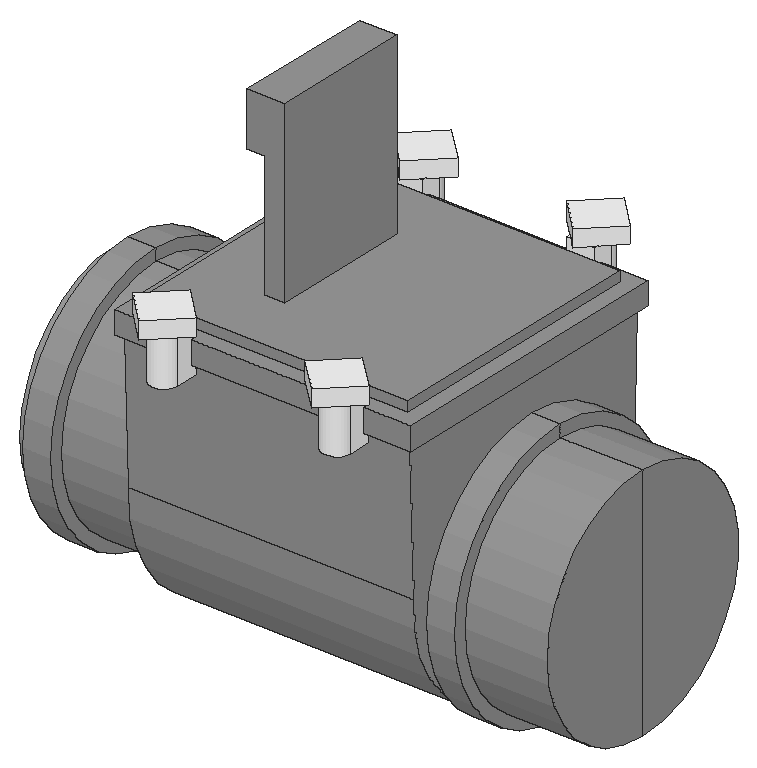
Revit family "HL_RU_Anti-flooding valve_HL715.1-A-171212", category Příslušenství trubek, Revit 2021
Family settings
  Kóta kulaté spojky = Použít průměr
  Typ dílu = Normální
  Číslo OmniClass = 23.65.55.14.21
  Nadpis OmniClass = Non-Return Valves for Liquid Services
  Založené na pracovní rovině = Ne
  Vždy vertikální = Ano
  Ořezat dutým tvarem při načtení = Ne
  Sdílené = Ne
Parameters
  РАЗМЕР = "DN160"
  ПРОПУСКНАЯ СПОСОБНОСТЬ [instance] = 0.0 m³/h
  ПРАВОВАЯ ИНФОРМАЦИЯ = "\"Copyright (©), design rights or any other intellectual property rights, shall be the exclusive property of HL Hutterer & Lechner GmbH. Modification is not allowed. Family has been watermarked.\""
  ПАДЕНИЕ ДАВЛЕНИЯ [instance] = 0.0 Pa
  НОМИНАЛЬНЫЙ ДИАМЕТР 2 = 160 mm
  НОМИНАЛЬНЫЙ ДИАМЕТР = 160 mm
  МАТЕРИАЛ = "ABS"
  ВЫСОТА МОНТАЖА = "355 mm"
  ВЕС = "2,927 kg"
  Výrobce = "HL Hutterer & Lechner GmbH"
  Výchozí výška = 0 mm
  URL = "http://www.hutterer-lechner.com/en/products/catalog/roof-drains/HL715.1.aspx"
  Description = "Anti flood valves"
  Model = "HL715.1"
  Type Comments = "anti-flood valve DN160 with stainless steel flap and manual blocking"
  Keynote = "HL715.1"
  EAN = "9003076971510"
  Cena = 0
Types (2, lengths in mm): name | ПРАВОВАЯ ИНФОРМАЦИЯ | URL | Description | Type Comments
  (no name) | "\"Copyright (©), design rights or any other intellectual property rights, shall be the exclusive property of HL Hutterer & Lechner GmbH. Modification is not allowed. Family has been watermarked.\"" | "http://www.hutterer-lechner.com/en/products/catalog/roof-drains/HL715.1.aspx" | "Anti flood valves" | "anti-flood valve DN160 with stainless steel flap and manual blocking"
  HL_Механический канализационный затвор_HL715.1 | "\"Авторские права(©), права на дизайн или какие либо другие права интелектуальной собственности являются исключительной собственностью компании HL Hutterer & Lechner. Изменению не подлежит. Файл семейства с данными о прозводителе изделия защищен паролем с водяным знаком.\"" | "http://www.hutterer-lechner.com/ru/products/catalog/roof-drains/HL715.1.aspx" | "Механический канализационный затвор" | "Механический магистральный канализационный затвор DN160 с заслонкой из нержавеющей стали и ручным затвором."
Reference planes
  plane 1 "Střed (vpředu/vzadu)": y = 0
  plane 2: z = 0
  plane 3 "Střed (vlevo/vpravo)": x = 0
Forms (mm)
  Sweep 1, solid, material "Plastic - Orange", detail levels fine
    path origin (106.443, 0, 126.9) x (1, 0, 0) y (0, 0, 1)
      loop
        line (101.5, -24) -> (-101.443, -24)
    profile origin (106.471, 0, 102.9) x (0, 0, -1) y (0, -1, 0)
      loop
        line (-0.5, 0) -> (-0.5, -101.455) -> (99.02, -97.98)
        arc (99.02, -97.98) -> (171.687, -71.286) -> (201.874, 0) r 97.308
        arc (201.874, 0) -> (171.687, 71.286) -> (99.02, 97.98) r 97.308
        line (99.02, 97.98) -> (-0.5, 101.455) -> (-0.5, 0)
  Extrusion 2, solid, material "Plastic - Orange", detail levels fine
    sketch origin (207.943, 0, 103.4) x (-1, 0, 0) y (0, -1, 0)
      loop
        line (-4.2, 105.7) -> (-4.2, -105.7) -> (207.2, -105.7) -> (207.2, 105.7) -> (-4.2, 105.7)
    from 0 to 16.5
  Extrusion 3, solid, material "Plastic - Orange", detail levels fine
    sketch origin (207.943, 0, 119.9) x (-1, 0, 0) y (0, -1, 0)
      loop
        line (196, -94.5) -> (196, 94.5) -> (7, 94.5) -> (7, -94.5) -> (196, -94.5)
    from 0 to 7
  Extrusion 4, solid, material "Plactic - White", detail levels fine
    sketch origin (106.443, 0, 126.9) x (1, 0, 0) y (0, 1, 0)
      loop
        line (71.5, -101.158) -> (51.5, -101.158) -> (51.5, -116.5)
        arc (51.5, -116.5) -> (61.5, -126.5) -> (71.5, -116.5) r 10
        line (71.5, -116.5) -> (71.5, -101.158)
    from -32 to 3.735
  Extrusion 5, solid, material "Plactic - White", detail levels fine
    sketch origin (106.443, 0, 130.635) x (1, 0, 0) y (0, 1, 0)
      loop
        line (84.127, -116.5) -> (61.5, -93.873) -> (38.873, -116.5) -> (61.5, -139.127) -> (84.127, -116.5)
    from 0 to 12
  Extrusion 6, solid, material "Plactic - White", detail levels fine
    sketch origin (-16.557, 0, 126.9) x (1, 0, 0) y (0, 1, 0)
      loop
        line (71.5, -101.158) -> (51.5, -101.158) -> (51.5, -116.5)
        arc (51.5, -116.5) -> (61.5, -126.5) -> (71.5, -116.5) r 10
        line (71.5, -116.5) -> (71.5, -101.158)
    from -32 to 3.735
  Extrusion 7, solid, material "Plactic - White", detail levels fine
    sketch origin (-16.557, 0, 130.635) x (1, 0, 0) y (0, 1, 0)
      loop
        line (84.127, -116.5) -> (61.5, -93.873) -> (38.873, -116.5) -> (61.5, -139.127) -> (84.127, -116.5)
    from 0 to 12
  Extrusion 8, solid, material "Plactic - White", detail levels fine
    sketch origin (106.443, 0, 126.9) x (1, 0, 0) y (0, 1, 0)
      loop
        line (71.5, 101.158) -> (71.5, 116.5)
        arc (71.5, 116.5) -> (61.5, 126.5) -> (51.5, 116.5) r 10
        line (51.5, 116.5) -> (51.5, 101.158) -> (71.5, 101.158)
    from -32 to 3.735
  Extrusion 9, solid, material "Plactic - White", detail levels fine
    sketch origin (106.443, 0, 130.635) x (1, 0, 0) y (0, 1, 0)
      loop
        line (84.127, 116.5) -> (61.5, 139.127) -> (38.873, 116.5) -> (61.5, 93.873) -> (84.127, 116.5)
    from 0 to 12
  Extrusion 10, solid, material "Plactic - White", detail levels fine
    sketch origin (-16.557, 0, 126.9) x (1, 0, 0) y (0, 1, 0)
      loop
        line (71.5, 101.158) -> (71.5, 116.5)
        arc (71.5, 116.5) -> (61.5, 126.5) -> (51.5, 116.5) r 10
        line (51.5, 116.5) -> (51.5, 101.158) -> (71.5, 101.158)
    from -32 to 3.735
  Extrusion 11, solid, material "Plactic - White", detail levels fine
    sketch origin (-16.557, 0, 130.635) x (1, 0, 0) y (0, 1, 0)
      loop
        line (84.127, 116.5) -> (61.5, 139.127) -> (38.873, 116.5) -> (61.5, 93.873) -> (84.127, 116.5)
    from 0 to 12
  Sweep 12, solid, material "Plastic - Orange", not visible, detail levels fine
    path origin (106.443, 0, 126.9) x (1, 0, 0) y (0, 0, 1)
      loop
        line (186.5, -58.4) -> (101.5, -58.4)
    profile origin (250.443, 0, 68.5) x (0, 0, -1) y (0, -1, 0)
      loop
        circle (80, 0) r 80
  Revolve 13, solid, material "Plastic - Orange", detail levels fine
    sketch origin (106.443, 0, 126.9) x (1, 0, 0) y (0, 0, 1)
      loop
        line (-189.5, -126.9) -> (-101.443, -126.9) -> (-101.443, -41.9) -> (-160.5, -41.9) -> (-160.5, -33.366) -> (-180.5, -33.366) -> (-180.5, -41.9) -> (-189.5, -41.9) -> (-189.5, -126.9)
      axis (-101.443, -126.9) -> (-189.5, -126.9)
    angle from 0 to 360
  Extrusion 14, solid, material "Plastic - Red", detail levels fine
    sketch origin (153.691, 0, 126.9) x (1, 0, 0) y (0, 0, 1)
      loop
        line (-76.248, 127) -> (-102.748, 127) -> (-102.748, 89) -> (-90.248, 89) -> (-90.248, 0) -> (-76.248, 0) -> (-76.248, 127)
    from -50 to 50
  Revolve 15, solid, material "Plastic - Orange", detail levels fine
    sketch origin (394.386, 0, 115.4) x (1, 0, 0) y (0, 0, 1)
      loop
        line (-186.443, -126.9) -> (-101.443, -126.9) -> (-101.443, -41.9) -> (-160.5, -41.9) -> (-160.5, -33.366) -> (-180.5, -33.366) -> (-180.5, -41.9) -> (-186.443, -41.9) -> (-186.443, -126.9)
      axis (-101.443, -126.9) -> (-186.443, -126.9)
    angle from 0 to 360
Lines and regions (mm)
  model lines, style "Symbol", detail levels coarse+medium
    curve 1: line (0, 0, 0) -> (292.943, 0, -11.5)
    curve 2: line (271.471, 0, -65.75) -> (271.471, 0, 54.25)
    curve 3: line (271.471, 0, 54.25) -> (21.471, 0, 54.25)
    curve 4: line (21.471, 0, -65.75) -> (21.471, 0, 54.25)
    curve 13: line (271.471, 0, -65.75) -> (21.471, 0, -65.75)
  symbolic lines, style "Symbol", detail levels coarse+medium
    curve 5: line (292.943, 0, 0) -> (0, 0, 0)
    curve 6: line (271.471, -60, 0) -> (271.471, 60, 0)
    curve 7: line (271.471, 60, 0) -> (21.471, 60, 0)
    curve 8: line (21.471, -60, 0) -> (21.471, 60, 0)
    curve 9: line (146.471, -105, 0) -> (146.471, 105, 0)
    curve 10: line (271.471, -60, 0) -> (21.471, -60, 0)
  model lines, detail levels coarse+medium
    curve 11: line (146.471, 0, -5.75) -> (146.471, 0, 99.25)
    curve 12: line (146.471, 0, -110.75) -> (146.471, 0, -5.75)
Dimensions and locks
  aligned and locked: level to plane 2
Connectors
  piping at (0, 0, 0), diameter 160, driven by "ПАДЕНИЕ ДАВЛЕНИЯ", driven by "НОМИНАЛЬНЫЙ ДИАМЕТР", driven by "ПРОПУСКНАЯ СПОСОБНОСТЬ"
    settings: on plane 3 "Střed (vlevo/vpravo)", index 1, connector inside diameter 609.6 mm, connector length 0 mm, flow factor 0, pipe flow 0.0 m³/h, pressure drop 0.0 Pa, fitting loss kfactor 0, connector angle 0.00°, fixture units 0, engagement length 0 mm, angle of deflection 0.00°, flow configuration 0, flow direction 0, fitting loss method 4, system type 16, joint type 0, gender type 0, connector reference index -1, connector utility 0, adjustable connector no, is connector primary yes, connector description ""
  piping at (292.943, 0, -11.5), diameter 160, driven by "НОМИНАЛЬНЫЙ ДИАМЕТР 2", driven by "ПРОПУСКНАЯ СПОСОБНОСТЬ"
    settings: on Sweep 12, index 2, connector inside diameter 609.6 mm, connector length 0 mm, flow factor 0, pipe flow 0.0 m³/h, pressure drop 0.0 Pa, fitting loss kfactor 0, connector angle 0.00°, fixture units 0, engagement length 0 mm, angle of deflection 0.00°, flow configuration 1, flow direction 2, fitting loss method 4, system type 16, joint type 0, gender type 0, connector reference index -1, connector utility 0, adjustable connector no, is connector primary no, connector description ""
